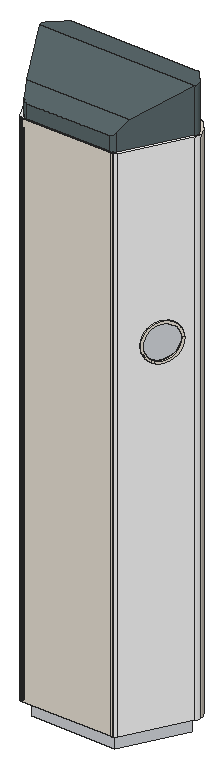
Revit family "Building-ElectricalVehicleCharging-GEWISS-JOINON-ION_FLOOR_MOUNTING-EV-R", category Apparecchi elettrici, Revit 2019
Family settings
  Mantenere orientamento annotazione = No
  Quota connettore circolare = Usa diametro
  Tipo di parte = Normale
  Numero OmniClass = 23.80.00.00
  Titolo OmniClass = Electric Power and Lighting
  Basato su piano di lavoro = No
  Sempre verticale = Sì
  Taglio con vuoti quando caricato = No
  Condiviso = No
  Punto di calcolo locali = Sì
Parameters (values of type "GWJ1023W100 - COL. JOINON RFID 22 KW 2XT2S+SC 3G EV-R")
  sp_y [instance] = 2300 mm
  sp_x [instance] = 1600 mm
  sp_effettivo_y [instance] = 4000 mm - sp_y  # 1700 mm
  sp_effettivo_x [instance] = 4000 mm - sp_x  # 2400 mm
  r4 = 18.00°
  r2 = 79.00°
  h2 = 1392 mm  # constant formula
  ang1 = 62.2233°
  Version file RFA = "19.4"
  URL = "https://www.gewiss.com/ww/en"
  Type of residual current protection = "40 A - 4P - Type B"
  Total power: = "44 Chilowatt"
  Thermal-magnetic protection = "40A - 4P - D Curve"
  Testa = Testa
  Terminal blocks: = "5 x 35 mm²"
  Surface treatment = ""
  Sockets Type = ""
  Socket/Connector Nr. (Type) = "2 (Type 2 vandal-proof socket, with shutters) + 2(Type F)"
  Simbolo_visibile [instance] = yes
  Shock resistance = "IK10"
  Realized by GEWISS S.p.A. = ""
  Rated voltage = "400 Volt"
  Rated insulation voltage (Ui) = "400 Volt"
  Rated current: = "64 Ampere"
  RFID Reader = "Yes"
  RCCB protection = ""
  Protection : = "Magnetothermic + Diff. Type B"
  Produttore = "GEWISS S.p.A."
  Power supply (input-output) = ""
  Power meter = "YES (MID)"
  Power max. = "22 kW per socket (2,3 kW for type F)"
  Operating temperature: = "-25 +50 °C"
  OUTPUT : = "-"
  N. of sockets Type 2 = "2 (+2 domestic socket Type F)"
  Mouting and installation = "Floor mounting"
  Modello = "GWJ1023W100"
  Mechanical characteristics = "-"
  Maximum power per socket = ""
  Maximum current per socket = ""
  Material = "Steel sheet"
  Laterali = Laterali
  Installation type = ""
  Input current = ""
  Immagine tipo = ION_PAVIM.jpg
  IP degree = "IP54"
  INPUT: = "-"
  IDF = "c1971283-7c4b-4b56-96e9-bcabebe98def"
  Human Interface = "LED RGB and TFT Display"
  H1 = 1550 mm
  External treatments = "Anti-corrosion and anti-graffiti"
  External colour = ""
  Electrocod = ""
  Descrizione = "COL. JOINON RFID 22 KW 2XT2S+SC 3G EV-R"
  DC Leakage check = "Not needed"
  Customizations: = "Yes (front)"
  Current supplied (max) = "32 A per socket (10 A for Type F)"
  Corpo = Corpo
  Connectivity: = "LAN,WIFI,4G"
  Connectivity = ""
  Comunication = "Ethernet Kit and 4G Modem with booster antenna"
  Colour = "Grey, Headboard RAL 7011"
  Charging sockets (EN 62196) = ""
  Charging power = "22 kW + 22 kW"
  Charging mode (EN 61851) : = ""
  Charging activation = "Remotely managed, via OCPP 1.6J"
  COBie.Tagnumber = ""
  COBie.CreatedOn = ""
  COBie.CreatebBy = ""
  COBie.ComponentRegisterItemID = ""
  COBie.Component.TagNumber = ""
  COBie.Component.Space = ""
  COBie.Component.SerialNumber = ""
  COBie.Component.InstallationDate = ""
  COBie.Component.Description = ""
  COBie.Component.BarCode = ""
  C = "a=b"
  Bordo_simbolo_visibile [instance] = yes
  (Auto)restart electrical protections = "No"
Types (17, lengths in mm): name | Type of residual current protection | Total power: | Thermal-magnetic protection | Terminal blocks: | Surface treatment | Sockets Type | Socket/Connector Nr. (Type) | Rated voltage | Rated insulation voltage (Ui) | Rated current: | RFID Reader | RCCB protection | Power supply (input-output) | Power meter | Power max. | N. of sockets Type 2 | Modello | Maximum power per socket | Maximum current per socket | Installation type | Input current | IP degree | External colour | Descrizione | Current supplied (max) | Connectivity: | Connectivity | Comunication | Charging sockets (EN 62196) | Charging power | Charging mode (EN 61851) : | Charging activation
  (no name) | "40 A - 4P - Type B" | "44 Chilowatt" | "40A - 4P - D Curve" | "5 x 35 mm²" | "Anti-graffiti surface painting" | "Type 2" | "2 (Type 2 vandal-proof socket, with shutters) + 2(Type F)" | "400 Volt" | "400 Volt" | "64 Ampere" | "Yes" | "40A - 4P - Type B" | "Three-phase 35mm²" | "YES (MID)" | "22 kW per socket (2,3 kW for type F)" | "2 (+2 domestic socket Type F)" | "GWJ1023W100" | "22 kW + 22 kW" | "32A + 32A" | "Ground (mounting base included in the equipment)" | "64 Ampere" | "IP54" | "Grey Chassis, Cap RAL7011" | "COL. JOINON RFID 22 KW 2XT2S+SC 3G EV-R" | "32 A per socket (10 A for Type F)" | "LAN,WIFI,4G" | "OCPP 1.6 SOAP" | "Ethernet Kit and 4G Modem with booster antenna" | "2 x Type 2" | "22 kW + 22 kW" | "Mode 3" | "Remotely managed, via OCPP 1.6J"
  GWJ1001A100 - COL.JOINON AUTOSTART 7,4 kW 2xT2S EV-R | "40 A - 2P - Type B" | "15 Chilowatt" | "40A - 2P - Curve D" | "3 x 35 mm²" | "Anti-graffiti surface painting" | "Type 2" | "2 (Type 2 socket, with shutters)" | "230 Volt" | "230 Volt" | "64 Ampere" | "No" | "40A - 2P - Type B" | "Single-phase 35 mm²" | "No" | "7,4 kW per socket" | "2" | "GWJ1001A100" | "7,4 kW + 7,4 kW" | "32A + 32A" | "Ground (mounting base included in the equipment)" | "64 Ampere" | "IP55" | "Grey Chassis, Cap RAL7011" | "COL.JOINON AUTOSTART 7,4 kW 2xT2S EV-R" | "32 A per socket" | "No" | "" | "" | "2 x Type 2" | "7,4 kW + 7,4 kW" | "Mode 3" | "Free access"
  GWJ1002A100 - COL.JOINON AUTOSTART 11 kW 2xT2S EV-R | "20 A - 4P - Type B" | "22 Chilowatt" | "20A - 4P - Curve D" | "5 x 16 mm²" | "Anti-graffiti surface painting" | "" | "2 (Type 2 socket, with shutters)" | "400 Volt" | "400 Volt" | "32 Ampere" | "No" | "20A - 4P - Type B" | "Three-phase 35mm²" | "No" | "11 kW per socket" | "2" | "GWJ1002A100" | "11 kW + 11 kW" | "16A + 16A" | "Ground (mounting base included in the equipment)" | "32 Ampere" | "IP55" | "Grey Chassis, Cap RAL7011" | "COL.JOINON AUTOSTART 11 kW 2xT2S EV-R" | "16 A per socket" | "No" | "" | "" | "2 x Type 2" | "11 kW + 11 kW" | "Mode 3" | "Free access"
  GWJ1003A100 - COL.JOINON AUTOSTART 22 kW 2xT2S EV-R | "40 A - 4P - Type B" | "44 Chilowatt" | "40A - 4P - D Curve" | "5 x 35 mm²" | "Anti-graffiti surface painting" | "" | "2 (Type 2 socket, with shutters)" | "400 Volt" | "400 Volt" | "64 Ampere" | "No" | "40A - 4P - Type B" | "Three-phase 35mm²" | "No" | "22 kW per socket" | "2" | "GWJ1003A100" | "22 kW + 22 kW" | "32A + 32A" | "Ground (mounting base included in the equipment)" | "64 Ampere" | "IP55" | "Grey Chassis, Cap RAL7011" | "COL.JOINON AUTOSTART 22 kW 2xT2S EV-R" | "32 A per socket" | "No" | "" | "" | "2 x Type 2" | "22 kW + 22 kW" | "Mode 3" | "Free access"
  GWJ1001R100 - COL. JOINON RFID 7,4 kW 2xT2S EV-R | "40 A - 2P - Type B" | "15 Chilowatt" | "40A - 2P - Curve D" | "3 x 35 mm²" | "Anti-graffiti surface painting" | "" | "2 (Type 2 vandal-proof socket, with shutters)" | "230 Volt" | "230 Volt" | "64 Ampere" | "Yes" | "40A - 2P - Type B" | "Single-phase 35 mm²" | "YES (MID)" | "7,4 kW per socket" | "2" | "GWJ1001R100" | "7,4 kW + 7,4 kW" | "32A + 32A" | "Ground (mounting base included in the equipment)" | "64 Ampere" | "IP55" | "Grey Chassis, Cap RAL7011" | "COL. JOINON RFID 7,4 kW 2xT2S EV-R" | "32 A per socket" | "No" | "" | "" | "2 x Type 2" | "7,4 kW + 7,4 kW" | "Mode 3" | "Locally managed, via RFID"
  GWJ1002R100 - COL.JOINON RFID 11 kW 2xT2S EV-R | "20 A - 4P - Type B" | "22 Chilowatt" | "20A - 4P - Curve D" | "5 x 16 mm²" | "Anti-graffiti surface painting" | "" | "2 (Type 2 vandal-proof socket, with shutters)" | "400 Volt" | "400 Volt" | "32 Ampere" | "Yes" | "20A - 4P - Type B" | "Three-phase 35mm²" | "YES (MID)" | "11 kW per socket" | "2" | "GWJ1002R100" | "11 kW + 11 kW" | "16A + 16A" | "Ground (mounting base included in the equipment)" | "32 Ampere" | "IP55" | "Grey Chassis, Cap RAL7011" | "COL.JOINON RFID 11 kW 2xT2S EV-R" | "16 A per socket" | "No" | "" | "" | "2 x Type 2" | "11 kW + 11 kW" | "Mode 3" | "Locally managed, via RFID"
  GWJ1003R100 - COL.JOINON RFID 22 kW 2xT2S EV-R | "40 A - 4P - Type B" | "44 Chilowatt" | "40A - 4P - D Curve" | "5 x 35 mm²" | "Anti-graffiti surface painting" | "" | "2 (Type 2 vandal-proof socket, with shutters)" | "400 Volt" | "400 Volt" | "64 Ampere" | "Yes" | "40A - 4P - Type B" | "Three-phase 35mm²" | "YES (MID)" | "22 kW per socket" | "2" | "GWJ1003R100" | "22 kW + 22 kW" | "32A + 32A" | "Ground (mounting base included in the equipment)" | "64 Ampere" | "IP55" | "Grey Chassis, Cap RAL7011" | "COL.JOINON RFID 22 kW 2xT2S EV-R" | "32 A per socket" | "No" | "" | "" | "2 x Type 2" | "22 kW + 22 kW" | "Mode 3" | "Locally managed, via RFID"
  GWJ1001L100 - COL.JOINON RFID 7,4 KW 2XT2S - ETH EV-R | "40 A - 2P - Type B" | "15 Chilowatt" | "40A - 2P - Curve D" | "3 x 35 mm²" | "Anti-graffiti surface painting" | "" | "2 (Type 2 vandal-proof socket, with shutters)" | "230 Volt" | "230 Volt" | "64 Ampere" | "Yes" | "40A - 2P - Type B" | "Single-phase 35 mm²" | "YES (MID)" | "7,4 kW per socket" | "2" | "GWJ1001L100" | "7,4 kW + 7,4 kW" | "32A + 32A" | "Ground (mounting base included in the equipment)" | "64 Ampere" | "IP55" | "Grey Chassis, Cap RAL7011" | "COL.JOINON RFID 7,4 KW 2XT2S - ETH EV-R" | "32 A per socket" | "LAN" | "OCPP 1.6 SOAP" | "Ethernet kit" | "2 x Type 2" | "7,4 kW + 7,4 kW" | "Mode 3" | "Remotely managed, via OCPP 1.6J"
  GWJ1002L100 - COL.JOINON RFID 11 KW 2XT2S - ETH EV-R | "20 A - 4P - Type B" | "22 Chilowatt" | "20A - 4P - Curve D" | "5 x 16 mm²" | "Anti-graffiti surface painting" | "" | "2 (Type 2 vandal-proof socket, with shutters)" | "400 Volt" | "400 Volt" | "32 Ampere" | "Yes" | "20A - 4P - Type B" | "Three-phase 35mm²" | "YES (MID)" | "11 kW per socket" | "2" | "GWJ1002L100" | "11 kW + 11 kW" | "16A + 16A" | "Ground (mounting base included in the equipment)" | "32 Ampere" | "IP55" | "Grey Chassis, Cap RAL7011" | "COL.JOINON RFID 11 KW 2XT2S - ETH EV-R" | "16 A per socket" | "LAN" | "OCPP 1.6 SOAP" | "Ethernet kit" | "2 x Type 2" | "11 kW + 11 kW" | "Mode 3" | "Remotely managed, via OCPP 1.6J"
  GWJ1003L100 - COL.JOINON RFID 22 KW 2XT2S - ETH EV-R | "40 A - 4P - Type B" | "44 Chilowatt" | "40A - 4P - D Curve" | "5 x 35 mm²" | "Anti-graffiti surface painting" | "" | "2 (Type 2 vandal-proof socket, with shutters)" | "400 Volt" | "400 Volt" | "64 Ampere" | "Yes" | "40A - 4P - Type B" | "Three-phase 35mm²" | "YES (MID)" | "22 kW per socket" | "2" | "GWJ1003L100" | "22 kW + 22 kW" | "32A + 32A" | "Ground (mounting base included in the equipment)" | "64 Ampere" | "IP55" | "Grey Chassis, Cap RAL7011" | "COL.JOINON RFID 22 KW 2XT2S - ETH EV-R" | "32 A per socket" | "LAN" | "OCPP 1.6 SOAP" | "Ethernet kit" | "2 x Type 2" | "22 kW + 22 kW" | "Mode 3" | "Remotely managed, via OCPP 1.6J"
  GWJ1001W100 - COL.JOINON RFID 7,4 KW 2XT2S - 3G EV-R | "40 A - 2P - Type B" | "15 Chilowatt" | "40A - 2P - Curve D" | "3 x 35 mm²" | "Anti-graffiti surface painting" | "" | "2 (Type 2 vandal-proof socket, with shutters)" | "230 Volt" | "230 Volt" | "64 Ampere" | "Yes" | "40A - 2P - Type B" | "Single-phase 35 mm²" | "YES (MID)" | "7,4 kW per socket" | "2" | "GWJ1001W100" | "7,4 kW + 7,4 kW" | "32A + 32A" | "Ground (mounting base included in the equipment)" | "64 Ampere" | "IP55" | "Grey Chassis, Cap RAL7011" | "COL.JOINON RFID 7,4 KW 2XT2S - 3G EV-R" | "32 A per socket" | "LAN,WIFI,4G" | "OCPP 1.6 SOAP" | "Ethernet Kit and 4G Modem with booster antenna" | "2 x Type 2" | "7,4 kW + 7,4 kW" | "Mode 3" | "Remotely managed, via OCPP 1.6J"
  GWJ1002W100 - COL.JOINON RFID 11 KW 2XT2S - 3G EV-R | "20 A - 4P - Type B" | "22 Chilowatt" | "20A - 4P - Curve D" | "5 x 16 mm²" | "Anti-graffiti surface painting" | "" | "2 (Type 2 vandal-proof socket, with shutters)" | "400 Volt" | "400 Volt" | "32 Ampere" | "Yes" | "20A - 4P - Type B" | "Three-phase 35mm²" | "YES (MID)" | "11 kW per socket" | "2" | "GWJ1002W100" | "11 kW + 11 kW" | "16A + 16A" | "Ground (mounting base included in the equipment)" | "32 Ampere" | "IP55" | "Grey Chassis, Cap RAL7011" | "COL.JOINON RFID 11 KW 2XT2S - 3G EV-R" | "16 A per socket" | "LAN,WIFI,4G" | "OCPP 1.6 SOAP" | "Ethernet Kit and 4G Modem with booster antenna" | "2 x Type 2" | "11 kW + 11 kW" | "Mode 3" | "Remotely managed, via OCPP 1.6J"
  GWJ1003W100 - COL.JOINON RFID 22 KW 2XT2S - 3G EV-R | "40 A - 4P - Type B" | "44 Chilowatt" | "40A - 4P - D Curve" | "5 x 35 mm²" | "Anti-graffiti surface painting" | "" | "2 (Type 2 vandal-proof socket, with shutters)" | "400 Volt" | "400 Volt" | "64 Ampere" | "Yes" | "40A - 4P - Type B" | "Three-phase 35mm²" | "YES (MID)" | "22 kW per socket" | "2" | "GWJ1003W100" | "22 kW + 22 kW" | "32A + 32A" | "Ground (mounting base included in the equipment)" | "64 Ampere" | "IP55" | "Grey Chassis, Cap RAL7011" | "COL.JOINON RFID 22 KW 2XT2S - 3G EV-R" | "32 A per socket" | "LAN,WIFI,4G" | "OCPP 1.6 SOAP" | "Ethernet Kit and 4G Modem with booster antenna" | "2 x Type 2" | "22 kW + 22 kW" | "Mode 3" | "Remotely managed, via OCPP 1.6J"
  GWJ1021R100 - COL. JOINON RFID 7,4 kW 2xT2S+SC EV-R | "40 A - 2P - Type B" | "15 Chilowatt" | "40A - 2P - Curve D" | "3 x 35 mm²" | "" | "" | "2 (Type 2 vandal-proof socket, with shutters) + 2(Type F)" | "230 Volt" | "230 Volt" | "64 Ampere" | "Yes" | "" | "" | "YES (MID)" | "7,4 kW per socket (2,3 kW for type F)" | "2 (+2 domestic socket Type F)" | "GWJ1021R100" | "" | "" | "" | "" | "IP54" | "" | "COL. JOINON RFID 7,4 kW 2xT2S+SC EV-R" | "32 A per socket (10 A for Type F)" | "No" | "" | "" | "" | "7,4 kW + 7,4 kW" | "" | "Locally managed, via RFID"
  GWJ1023R100 - COL. JOINON RFID 22 kW 2xT2S+SC EV-R | "40 A - 4P - Type B" | "44 Chilowatt" | "40A - 4P - D Curve" | "5 x 35 mm²" | "" | "" | "2 (Type 2 vandal-proof socket, with shutters) + 2(Type F)" | "400 Volt" | "400 Volt" | "64 Ampere" | "Yes" | "" | "" | "YES (MID)" | "22 kW per socket (2,3 kW for type F)" | "2 (+2 domestic socket Type F)" | "GWJ1023R100" | "" | "" | "" | "" | "IP54" | "" | "COL. JOINON RFID 22 kW 2xT2S+SC EV-R" | "32 A per socket (10 A for Type F)" | "No" | "" | "" | "" | "22 kW + 22 kW" | "" | "Locally managed, via RFID"
  GWJ1021W100 - COL. JOINON RFID 7,4 KW 2XT2S+SC-3G EV-R | "40 A - 2P - Type B" | "15 Chilowatt" | "40A - 2P - Curve D" | "3 x 35 mm²" | "" | "" | "2 (Type 2 vandal-proof socket, with shutters) + 2(Type F)" | "230 Volt" | "230 Volt" | "64 Ampere" | "Yes" | "" | "" | "YES (MID)" | "7,4 kW per socket (2,3 kW for type F)" | "2 (+2 domestic socket Type F)" | "GWJ1021W100" | "" | "" | "" | "" | "IP54" | "" | "COL. JOINON RFID 7,4 KW 2XT2S+SC-3G EV-R" | "32 A per socket (10 A for Type F)" | "LAN,WIFI,4G" | "" | "Ethernet Kit and 4G Modem with booster antenna" | "" | "7,4 kW + 7,4 kW" | "" | "Remotely managed, via OCPP 1.6J"
  GWJ1023W100 - COL. JOINON RFID 22 KW 2XT2S+SC 3G EV-R | "40 A - 4P - Type B" | "44 Chilowatt" | "40A - 4P - D Curve" | "5 x 35 mm²" | "" | "" | "2 (Type 2 vandal-proof socket, with shutters) + 2(Type F)" | "400 Volt" | "400 Volt" | "64 Ampere" | "Yes" | "" | "" | "YES (MID)" | "22 kW per socket (2,3 kW for type F)" | "2 (+2 domestic socket Type F)" | "GWJ1023W100" | "" | "" | "" | "" | "IP54" | "" | "COL. JOINON RFID 22 KW 2XT2S+SC 3G EV-R" | "32 A per socket (10 A for Type F)" | "LAN,WIFI,4G" | "" | "Ethernet Kit and 4G Modem with booster antenna" | "" | "22 kW + 22 kW" | "" | "Remotely managed, via OCPP 1.6J"
Reference planes
  plane 1 "Centro (Fronte/Retro)": y = 0
  plane 2: z = 0
  plane 3 "Centro (Sinistra/Destra)": x = 0
  plane 4: y = 88.499
  plane 5: through (187.624, 77.783, 1200) normal (0.766, 0.6428, 0)
  plane 6 "aaa": through (149.207, -98.517, 1200) normal (-0.8848, 0.466, 0)
  plane 7: y = -136.942
  plane 8: through (93.796, -186.551, 1200) normal (-0.8848, 0.466, 0)
  plane 9: through (126.742, 137.893, 1200) normal (0.766, 0.6428, 0)
  plane 10: y = 80.499
  plane 11: through (-136.146, -121.454, 1200) normal (-0.8814, -0.4723, 0)
  plane 12: through (-129.095, -117.675, 1200) normal (-0.8814, -0.4723, 0)
  plane 13: y = -136.942
  plane 14: through (-187.339, 77.783, 1200) normal (0.766, -0.6428, 0)
  plane 15: through (-106.81, 161.308, 1200) normal (0.766, -0.6428, 0)
  plane 16: through (-94.553, 151.023, 1200) normal (0.766, -0.6428, 0)
  plane 17: y = 64.499
  plane 18: through (-56.197, -219.844, 1200) normal (-0.8814, -0.4723, 0)
  plane 19: y = -120.942
  plane 20: through (79.64, -179.095, 1200) normal (-0.8848, 0.466, 0)
  plane 21: through (114.485, 127.609, 1200) normal (0.766, 0.6428, 0)
  plane 22: z = 41
  plane 23: through (0, 64.499, 1353.022) normal (0, 0.1866, -0.9824)
  plane 24: z = 1433
  plane 25: z = 1550
  plane 26: x = -216.624
  plane 27: x = 212.265
  plane 28: z = 964
  plane 29: y = -47.527
  plane 30: through (26.919, -19.885, 1200) normal (-0.8848, 0.466, 0)
  plane 31: x = -2400
  plane 32: x = 0
  plane 33: y = 0
  plane 34: y = -1700
  plane 35: through (-365.806, -4572, 246.412) normal (-0.9925, 0, 0.1219)
  plane 36: through (208.523, -4572, 1550) normal (0.9816, 0, 0.1908)
Forms (mm)
  Extrusion 1, solid, material "Corpo" <- "Corpo"
    sketch origin (0, 0, 0) x (1, 0, 0) y (0, 1, 0)
      loop
        arc (-164.358, 88.499) -> (-177.036, 85.688) -> (-187.339, 77.783) r 30
        line (-187.339, 77.783) -> (-211.243, 49.296)
        arc (-211.243, 49.296) -> (-214.96, 43.1) -> (-216.572, 36.056) r 23
        line (-216.572, 36.056) -> (-208.544, 36.056)
        arc (-208.544, 36.056) -> (-207.436, 40.362) -> (-205.114, 44.154) r 15
        line (-205.114, 44.154) -> (-181.211, 72.64)
        arc (-181.211, 72.64) -> (-173.655, 78.438) -> (-164.358, 80.499) r 22
        line (-164.358, 80.499) -> (167.173, 80.499)
        arc (167.173, 80.499) -> (174.177, 78.946) -> (179.868, 74.58) r 16.572
        line (179.868, 74.58) -> (205.886, 43.573)
        arc (205.886, 43.573) -> (207.886, 40.313) -> (208.849, 36.612) r 12.979
        line (208.849, 36.612) -> (215.413, 36.612)
        arc (215.413, 36.612) -> (213.395, 45.008) -> (208.925, 52.397) r 28.134
        line (208.925, 52.397) -> (187.882, 77.474)
        arc (187.882, 77.474) -> (177.283, 85.608) -> (164.24, 88.499) r 30.863
        line (164.24, 88.499) -> (-164.358, 88.499)
      loop
        arc (-113.738, -136.942) -> (-115.978, -136.638) -> (-118.056, -135.749) r 8.406
        line (-118.056, -135.749) -> (-121.637, -141.73)
        arc (-121.637, -141.73) -> (-119.495, -142.307) -> (-117.286, -142.501) r 12.666
        line (-117.286, -142.501) -> (117.916, -142.501)
        arc (117.916, -142.501) -> (120.37, -142.275) -> (122.741, -141.606) r 13.462
        line (122.741, -141.606) -> (119.581, -136.371)
        arc (119.581, -136.371) -> (118.593, -136.797) -> (117.527, -136.942) r 3.975
        line (117.527, -136.942) -> (-113.738, -136.942)
    from 41 to 1433
  Extrusion 2, solid
    sketch origin (0, 0, 0) x (1, 0, 0) y (0, 1, 0)
      loop
        line (-167.156, 64.499) -> (-192.422, 34.387) -> (-109.192, -120.942) -> (110.27, -120.942) -> (192.325, 34.843) -> (167.44, 64.499) -> (-167.156, 64.499)
    from 0 to 41
  Extrusion 3, solid, material "Testa" <- "Testa"
    sketch origin (0, 0, 0) x (1, 0, 0) y (0, 1, 0)
      loop
        line (-179.113, 75.141) -> (-205.114, 44.154)
        arc (-205.114, 44.154) -> (-208.544, 36.056) -> (-206.845, 27.427) r 15
        line (-206.845, 27.427) -> (-123.012, -129.027)
        arc (-123.012, -129.027) -> (-117.496, -134.812) -> (-109.791, -136.942) r 15
        line (-109.791, -136.942) -> (110.873, -136.942)
        arc (110.873, -136.942) -> (118.624, -134.785) -> (124.145, -128.933) r 15
        line (124.145, -128.933) -> (206.794, 27.98)
        arc (206.794, 27.98) -> (208.437, 36.568) -> (205.013, 44.613) r 15
        line (205.013, 44.613) -> (179.397, 75.141)
        arc (179.397, 75.141) -> (174.246, 79.094) -> (167.906, 80.499) r 15
        line (167.906, 80.499) -> (-167.622, 80.499)
        arc (-167.622, 80.499) -> (-173.961, 79.094) -> (-179.113, 75.141) r 15
    from 1433 to 1550
  Extrusion 4, void
    sketch origin (0, 0, 0) x (0, 1, 0) y (0, 0, 1)
      loop
        line (27.427, 1550) -> (-136.942, 1550) -> (-136.942, 1469.305) -> (-104.13, 1502.117) -> (27.427, 1550)
    from -216.624 to 212.265
  Extrusion 5, void
    sketch origin (157.424, -82.918, 0) x (-0.466026, -0.884771, 0) y (0, 0, 1)
      loop
        circle (-39.951, 964) r 45
    from 0 to 46.672
  Extrusion 6, solid, material "Corpo" <- "Corpo"
    sketch origin (157.424, -82.918, 0) x (-0.466026, -0.884771, 0) y (0, 0, 1)
      loop
        circle (-39.951, 964) r 45
      loop
        circle (-39.951, 964) r 50
    from -8.324 to 144.842
  Extrusion 7, solid
    sketch origin (157.424, -82.918, 0) x (-0.466026, -0.884771, 0) y (0, 0, 1)
      loop
        circle (-39.951, 964) r 45
    from 0 to 144.842
  Extrusion 8, solid, material "Laterali" <- "Laterali"
    sketch origin (0, 0, 0) x (1, 0, 0) y (0, 1, 0)
      loop
        line (129.826, -135.313) -> (212.265, 21.201)
        arc (212.265, 21.201) -> (214.938, 28.682) -> (215.413, 36.612) r 28.134
        line (215.413, 36.612) -> (208.849, 36.612)
        arc (208.849, 36.612) -> (208.691, 32.791) -> (207.427, 29.181) r 12.979
        line (207.427, 29.181) -> (121.044, -134.82)
        arc (121.044, -134.82) -> (120.418, -135.695) -> (119.581, -136.371) r 3.975
        line (119.581, -136.371) -> (122.741, -141.606)
        arc (122.741, -141.606) -> (126.856, -139.104) -> (129.826, -135.313) r 13.462
    from 41 to 1433
  Extrusion 9, solid, material "Laterali" <- "Laterali"
    sketch origin (0, 0, 0) x (1, 0, 0) y (0, 1, 0)
      loop
        arc (-128.45, -135.817) -> (-125.588, -139.401) -> (-121.637, -141.73) r 12.666
        line (-121.637, -141.73) -> (-118.056, -135.749)
        arc (-118.056, -135.749) -> (-119.822, -134.337) -> (-121.148, -132.506) r 8.406
        line (-121.148, -132.506) -> (-206.845, 27.427)
        arc (-206.845, 27.427) -> (-208.341, 31.614) -> (-208.544, 36.056) r 15
        line (-208.544, 36.056) -> (-216.572, 36.056)
        arc (-216.572, 36.056) -> (-216.107, 29.664) -> (-213.897, 23.649) r 23
        line (-213.897, 23.649) -> (-128.45, -135.817)
    from 41 to 1433
  Extrusion 10, void
    sketch origin (-157.424, -82.918, 0) x (0.466026, -0.884771, 0) y (0, 0, -1)
      loop
        circle (-39.951, -964) r 45
    from 0 to 46.672
  Extrusion 11, solid
    sketch origin (-157.424, -82.918, 0) x (0.466026, -0.884771, 0) y (0, 0, -1)
      loop
        circle (-39.951, -964) r 45
      loop
        circle (-39.951, -964) r 50
    from -8.324 to 144.842
Cuts and joins
  Extrusion 4, Extrusion 5, Extrusion 10 cuts Extrusion 1
  Extrusion 10 cuts Extrusion 6
  joined: Extrusion 1, Extrusion 6
  Extrusion 4 cuts Extrusion 3
  Extrusion 5, Extrusion 10 cuts Extrusion 8
  Extrusion 10 cuts Extrusion 7
  Extrusion 10 cuts Extrusion 11
Lines and regions (mm)
  symbolic lines
    curve 1: line (0, -2584.937, -29.02) -> (0, -2434.937, -29.02)
    curve 2: line (0, -136.942, 1453) -> (0, -136.942, 1433)
  model lines
    curve 3: line (138.783, -118.309, 1358.658) -> (213.347, 23.254, 1393)
    curve 4: line (213.347, 23.254, 1393) -> (213.347, 23.254, 73)
    curve 5: line (213.347, 23.254, 73) -> (138.783, -118.309, 73)
    curve 6: line (138.783, -118.309, 73) -> (138.783, -118.309, 1358.658)
    curve 7: line (-138.783, -118.309, 1358.658) -> (-213.347, 23.254, 1393)
    curve 8: line (-213.347, 23.254, 1393) -> (-213.347, 23.254, 73)
    curve 9: line (-213.347, 23.254, 73) -> (-138.783, -118.309, 73)
    curve 10: line (-138.783, -118.309, 73) -> (-138.783, -118.309, 1358.658)
Text (mm)
  text "axb=c" at (178.989, -154.629, 0), in view "Livello rif."
Dimensions and locks
  locked: plane 4 to plane 10 at 8
  plane 5 to plane 9 = 8 mm
  locked: plane 8 to plane 6 "aaa" at 8
  locked: plane 11 to plane 12 at 8
  locked: plane 15 to plane 14 at 8
  plane 11 to plane 12 = 8 mm
  locked: plane 22 to plane 2 at 41
  plane 25 to plane 2 = 1550 mm
  "h2": plane 24 to plane 22
  plane 31 to plane 3 "Centro (Sinistra/Destra)" = 2400 mm
  "sp_effettivo_x": plane 31 to plane 32
  "sp_effettivo_y": plane 33 to plane 34
  plane 1 "Centro (Fronte/Retro)" to plane 34 = 1700 mm
  radius of Extrusion 3 sketch curve = 15 mm  (x6)
  angle plane 16 to plane 3 "Centro (Sinistra/Destra)" = 40.00°
  "ang1": angle plane 29 to plane 30
  angle plane 16 to plane 18 = 68.1837°
  "r4": angle plane 35 to plane 36
  angle plane 35 to plane 32 = 7.00°
  "r2": angle plane 36 to plane 24
  aligned and locked: level to plane 2
  aligned and locked: plane 15 to Extrusion 1
  aligned and locked: plane 7 to Extrusion 1
  aligned and locked: plane 9 to Extrusion 1
  aligned and locked: plane 22 to Extrusion 2
  aligned and locked: Extrusion 1 to plane 22
  aligned and locked: plane 24 to Extrusion 1
  aligned and locked: Extrusion 3 to plane 24
  aligned and locked: plane 25 to Extrusion 3
  aligned and locked: Extrusion 4 to plane 27
  aligned and locked: plane 26 to Extrusion 4
  aligned and locked: plane 28 to Extrusion 5 sketch curve
  aligned and locked: plane 30 to cut or joined group of Extrusion 1, Extrusion 4, Extrusion 5, Extrusion 6, Extrusion 10
  aligned and locked: cut or joined group of Extrusion 1, Extrusion 4, Extrusion 5, Extrusion 6, Extrusion 10 to Extrusion 7
  aligned and locked: Extrusion 9 to curve 2
  aligned and locked: Extrusion 9 to Extrusion 2
  aligned and locked: Extrusion 8 to Extrusion 2
  aligned and locked: nested 1 to plane 32
  aligned and locked: plane 33 to nested 1
Automatic sketch dimensions
  curve 2 to plane 7 = 0 mm
  curve 1 to level = 29.02 mm
  curve 1 to plane 7 = 2297.995 mm
  curve 1 to curve 1 = 150 mm
  curve 2 to curve 2 = 20 mm
  Extrusion 1 sketch curve to Extrusion 1 sketch curve = 0 mm  (x4)
  plane 14 to Extrusion 1 sketch curve = 0 mm  (x2)
  plane 15 to Extrusion 1 sketch curve = 0 mm  (x2)
  Extrusion 1 sketch curve to plane 10 = 0 mm
  Extrusion 1 sketch curve to plane 7 = 0 mm
  Extrusion 1 sketch curve to plane 9 = 0 mm  (x2)
  Extrusion 1 sketch curve to plane 5 = 0 mm  (x2)
  Extrusion 1 sketch curve to plane 26 = 0.052 mm
  Extrusion 1 sketch curve to plane 26 = 5.381 mm
  Extrusion 1 sketch curve to Extrusion 1 sketch curve = 8.028 mm
  Extrusion 1 sketch curve to Extrusion 1 sketch curve = 6.128 mm
  Extrusion 1 sketch curve to Extrusion 1 sketch curve = 11.491 mm
  Extrusion 1 sketch curve to plane 10 = 2.716 mm
  Extrusion 1 sketch curve to plane 10 = 7.859 mm
  Extrusion 1 sketch curve to Extrusion 1 sketch curve = 16.853 mm
  Extrusion 1 sketch curve to plane 7 = 4.788 mm
  Extrusion 1 sketch curve to plane 26 = 94.986 mm
  plane 7 to Extrusion 1 sketch curve = 1.194 mm
  Extrusion 1 sketch curve to Extrusion 1 sketch curve = 3.581 mm
  Extrusion 1 sketch curve to Extrusion 1 sketch curve = 4.351 mm
  Extrusion 1 sketch curve to Extrusion 1 sketch curve = 3.548 mm
  plane 27 to Extrusion 1 sketch curve = 94.738 mm
  Extrusion 1 sketch curve to Extrusion 1 sketch curve = 0.389 mm
  plane 7 to Extrusion 1 sketch curve = 0.572 mm
  Extrusion 1 sketch curve to Extrusion 1 sketch curve = 2.054 mm
  Extrusion 1 sketch curve to plane 7 = 4.664 mm
  Extrusion 1 sketch curve to Extrusion 1 sketch curve = 4.825 mm
  Extrusion 1 sketch curve to plane 17 = 6.863 mm
  Extrusion 1 sketch curve to plane 17 = 0.572 mm
  Extrusion 1 sketch curve to plane 10 = 5.92 mm
  plane 27 to Extrusion 1 sketch curve = 24.892 mm
  Extrusion 1 sketch curve to plane 10 = 3.025 mm
  Extrusion 1 sketch curve to Extrusion 1 sketch curve = 8.57 mm
  plane 27 to Extrusion 1 sketch curve = 6.379 mm
  plane 27 to Extrusion 1 sketch curve = 3.417 mm
  plane 27 to Extrusion 1 sketch curve = 3.34 mm
  Extrusion 1 sketch curve to plane 27 = 3.148 mm
  Extrusion 1 sketch curve to Extrusion 1 sketch curve = 0.894 mm
  Extrusion 1 sketch curve to Extrusion 1 sketch curve = 9.261 mm
  plane 16 to Extrusion 2 sketch curve = 0 mm  (x2)
  plane 18 to Extrusion 2 sketch curve = 0 mm  (x2)
  Extrusion 2 sketch curve to plane 17 = 0 mm
  Extrusion 2 sketch curve to plane 19 = 0 mm
  Extrusion 2 sketch curve to plane 20 = 0 mm  (x2)
  Extrusion 2 sketch curve to plane 21 = 0 mm  (x2)
  plane 12 to Extrusion 3 sketch curve = 0 mm  (x2)
  plane 15 to Extrusion 3 sketch curve = 0 mm  (x2)
  Extrusion 3 sketch curve to plane 10 = 0 mm
  Extrusion 3 sketch curve to plane 7 = 0 mm
  Extrusion 3 sketch curve to plane 8 = 0 mm  (x2)
  Extrusion 3 sketch curve to plane 9 = 0 mm  (x2)
  Extrusion 3 sketch curve to plane 26 = 11.509 mm
  Extrusion 3 sketch curve to plane 26 = 9.778 mm
  Extrusion 3 sketch curve to plane 10 = 5.358 mm  (x2)
  plane 7 to Extrusion 3 sketch curve = 7.915 mm
  Extrusion 3 sketch curve to plane 19 = 7.99 mm
  plane 27 to Extrusion 3 sketch curve = 7.252 mm
  plane 27 to Extrusion 3 sketch curve = 5.471 mm
  Extrusion 4 sketch curve to plane 7 = 0 mm
  Extrusion 4 sketch curve to plane 25 = 0 mm
  plane 19 to Extrusion 4 sketch curve = 16.813 mm
  Extrusion 4 sketch curve to plane 1 "Centro (Fronte/Retro)" = 27.427 mm
  Extrusion 4 sketch curve to plane 25 = 47.883 mm
  plane 24 to Extrusion 4 sketch curve = 36.305 mm
  curve 3 to plane 24 = 40 mm
  plane 22 to curve 5 = 32 mm
  curve 4 to curve 5 = 160 mm
  curve 6 to plane 24 = 74.342 mm
  curve 7 to plane 24 = 40 mm
  plane 22 to curve 9 = 32 mm
  curve 8 to curve 9 = 160 mm
  curve 10 to plane 24 = 74.342 mm
  Extrusion 6 sketch curve to Extrusion 6 sketch curve = 0 mm  (x12)
  plane 28 to Extrusion 6 sketch curve = 0 mm
  Extrusion 6 sketch curve to Extrusion 6 sketch curve = 45 mm
  Extrusion 6 sketch curve to Extrusion 6 sketch curve = 5 mm
  Extrusion 7 sketch curve to Extrusion 7 sketch curve = 0 mm  (x2)
  plane 28 to Extrusion 7 sketch curve = 0 mm
  Extrusion 7 sketch curve to Extrusion 7 sketch curve = 45 mm
  Extrusion 8 sketch curve to plane 8 = 0 mm  (x2)
  Extrusion 8 sketch curve to plane 6 "aaa" = 0 mm  (x2)
  Extrusion 8 sketch curve to plane 27 = 0 mm
  plane 27 to Extrusion 8 sketch curve = 3.417 mm
  plane 27 to Extrusion 8 sketch curve = 4.838 mm
  Extrusion 8 sketch curve to Extrusion 8 sketch curve = 11.484 mm
  Extrusion 8 sketch curve to Extrusion 8 sketch curve = 8.57 mm
  plane 7 to Extrusion 8 sketch curve = 1.63 mm
  Extrusion 8 sketch curve to plane 7 = 4.664 mm
  Extrusion 8 sketch curve to Extrusion 8 sketch curve = 7.085 mm
  plane 7 to Extrusion 8 sketch curve = 2.122 mm
  plane 7 to Extrusion 8 sketch curve = 0.572 mm
  Extrusion 8 sketch curve to Extrusion 8 sketch curve = 1.463 mm
  Extrusion 8 sketch curve to Extrusion 8 sketch curve = 3.128 mm
  Extrusion 8 sketch curve to Extrusion 8 sketch curve = 0.389 mm
  Extrusion 8 sketch curve to plane 27 = 3.148 mm
  Extrusion 8 sketch curve to Extrusion 8 sketch curve = 5.131 mm
  Extrusion 9 sketch curve to Extrusion 9 sketch curve = 0 mm  (x2)
  plane 11 to Extrusion 9 sketch curve = 0 mm  (x2)
  plane 12 to Extrusion 9 sketch curve = 0 mm  (x2)
  Extrusion 9 sketch curve to plane 26 = 0.052 mm
  Extrusion 9 sketch curve to plane 26 = 2.727 mm
  Extrusion 9 sketch curve to Extrusion 9 sketch curve = 8.028 mm
  Extrusion 9 sketch curve to Extrusion 9 sketch curve = 7.052 mm
  Extrusion 9 sketch curve to Extrusion 9 sketch curve = 14.92 mm
  plane 7 to Extrusion 9 sketch curve = 1.125 mm
  Extrusion 9 sketch curve to plane 7 = 4.788 mm
  Extrusion 9 sketch curve to Extrusion 9 sketch curve = 6.813 mm
  plane 7 to Extrusion 9 sketch curve = 4.436 mm
  plane 7 to Extrusion 9 sketch curve = 1.194 mm
  Extrusion 9 sketch curve to Extrusion 9 sketch curve = 3.092 mm
  Extrusion 9 sketch curve to Extrusion 9 sketch curve = 3.862 mm
  Extrusion 9 sketch curve to Extrusion 9 sketch curve = 3.548 mm
  plane 28 to Extrusion 10 sketch curve = 0 mm
  Extrusion 11 sketch curve to Extrusion 11 sketch curve = 0 mm  (x12)
  plane 28 to Extrusion 11 sketch curve = 0 mm
  Extrusion 11 sketch curve to Extrusion 11 sketch curve = 45 mm
  Extrusion 11 sketch curve to Extrusion 11 sketch curve = 5 mm
  radius of Extrusion 5 sketch curve = 45 mm
  radius of Extrusion 10 sketch curve = 45 mm
Nested families
  nested 1: "simb_torretta" at (0, -125, 0), Bordo simbolo <- "Bordo_simbolo_visibile", Visibilita' simbolo <- "Simbolo_visibile", type "simb_torretta"
Connectors
  electrical at (176.042, -47.571, 964)
    settings: on cut or joined group of Extrusion 5, Extrusion 8, Extrusion 10, index 1, voltage 0 V, apparent load 0 VA, apparent load phase1 0 VA, apparent load phase2 0 VA, apparent load phase3 0 VA, power factor 1, load classification "Altro", number of poles 1, system type 31, power factor state 1, is connector primary yes, connector utility no, sub classification motor no, connector description ""
Definition of nested family "simb_torretta"
  Parameters (values of type "simb_torretta")
    Visibilita' simbolo [instance] = yes
    Bordo simbolo [instance] = yes
  Reference planes
    plane 1 "Centro (Fronte/Retro)": y = 0
    plane 2: z = 0
    plane 3 "Centro (Sinistra/Destra)": x = 0
  Lines and regions (mm)
    detail lines, in view "Livello rif.", visible <- "Bordo simbolo"
      curve 1: line (-96.5, 250, 0) -> (101.5, 250, 0)
      curve 2: line (101.5, 250, 0) -> (101.5, 0, 0)
      curve 3: line (101.5, 0, 0) -> (-96.5, 0, 0)
      curve 4: line (-96.5, 0, 0) -> (-96.5, 250, 0)
      curve 5: line (101.5, 125, 0) -> (91.744, 125, 0)
      curve 6: line (-79.833, 125, 0) -> (-96.5, 125, 0)
    detail lines, in view "Livello rif.", visible <- "Visibilita' simbolo"
      curve 7: line (63.369, 20.256, 0) -> (63.369, 0, 0)
      curve 9: line (-63.369, 20.256, 0) -> (63.369, 20.256, 0)
      curve 10: line (49.772, 20.256, 0) -> (49.772, 185.328, 0)
      curve 11: line (38.072, 197.028, 0) -> (-41.162, 197.028, 0)
      curve 12: line (-52.903, 185.287, 0) -> (-52.903, 20.256, 0)
      curve 13: line (31.542, 136.002, 0) -> (31.542, 177.347, 0)
      curve 14: line (31.542, 177.347, 0) -> (-34.673, 177.347, 0)
      curve 15: line (-34.673, 177.347, 0) -> (-34.673, 136.002, 0)
      curve 16: line (-34.673, 136.002, 0) -> (31.542, 136.002, 0)
      curve 17: line (84.479, 146.299, 0) -> (84.479, 42.731, 0)
      curve 18: line (66.859, 42.731, 0) -> (66.859, 121.971, 0)
      curve 19: line (66.859, 121.971, 0) -> (64.275, 127.282, 0)
      curve 20: line (64.275, 127.282, 0) -> (49.772, 132.307, 0)
      curve 21: line (98.652, 158.145, 0) -> (98.652, 180.875, 0)
      curve 22: line (98.652, 180.875, 0) -> (84.479, 180.875, 0)
      curve 23: line (84.479, 180.875, 0) -> (70.307, 180.875, 0)
      curve 24: line (70.307, 180.875, 0) -> (70.307, 158.145, 0)
      curve 25: line (77.215, 180.875, 0) -> (77.215, 197.35, 0)
      curve 26: line (91.744, 180.875, 0) -> (91.744, 197.35, 0)
      curve 27: line (12.372, 88.819, 0) -> (-11.307, 88.819, 0)
      curve 28: line (-11.307, 88.819, 0) -> (-11.307, 120.192, 0)
      curve 29: line (-11.307, 120.192, 0) -> (12.372, 120.192, 0)
      curve 30: line (-11.307, 105.861, 0) -> (3.96, 105.861, 0)
      curve 31: line (-14.807, 69.865, 0) -> (-1.566, 34.036, 0)
      curve 32: line (-1.566, 34.036, 0) -> (11.676, 69.865, 0)
      curve 33: line (-63.369, 20.256, 0) -> (-63.369, 0, 0)
      curve 34: line (-63.369, 0, 0) -> (63.369, 0, 0)
    detail lines, in view "Livello rif."
      curve 8: line (-96.5, 0, 0) -> (-96.5, 20.256, 0)
      curve 35: arc (-41.162, 197.028, 0) -> (-49.464, 193.589, 0) -> (-52.903, 185.287, 0) r 11.741
      curve 36: arc (49.772, 185.328, 0) -> (46.345, 193.601, 0) -> (38.072, 197.028, 0) r 11.7
      curve 37: arc (70.307, 158.145, 0) -> (84.479, 143.972, 0) -> (98.652, 158.145, 0) r 14.173
      curve 38: arc (66.859, 42.731, 0) -> (75.669, 33.921, 0) -> (84.479, 42.731, 0) r 8.81
